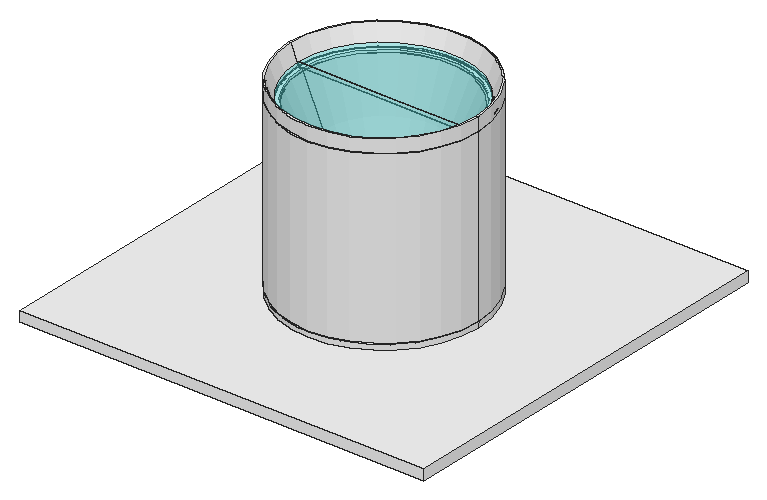
Revit family "BE_24424_de_DE", category Leuchten, Revit 2020
Family settings
  Basisbauteil = Fläche
  Bemaßung runder Anschluss = Durchmesser verwenden
  Teiletyp = Normal
  Beim Laden mit Abzugskörper schneiden = Ja
  Lichtquelle = Ja
  Gemeinsam genutzt = Nein
  Raumberechnungspunkt = Ja
Parameters (values of type "BEGA_24424_Weiß_K4")
  built-in parameter 1150104 = 12.449 (stored number, unit not read)
  Wattage = 35.7 W
  Default Elevation = 0 mm
  built-in parameter 1150113 = 1 (stored number, unit not read)
  built-in parameter 1114218 = 1 (stored number, unit not read)
  Umgebungstemperatur = "25 °C"
  URL = "https://www.bega.com/de/produkt/24424"
  Typenkommentare = "© 2022 BEGA. Wir behalten uns das Recht vor, technische Änderungen ohne vorherige Ankündigung vorzunehmen."  # constant formula
  Type Image = 24424.png
  built-in parameter 1150134 = 12
  built-in parameter 1150109 = 1 (stored number, unit not read)
  Strom = ""
  built-in parameter 1150110 = 1 (stored number, unit not read)
  Spannung = 239.996 V
  Sonderanfertigung = no
  Seriennummer [instance] = "Hier können Sie die eindeutige Seriennummer für das Facility Management eintragen."
  Schutzklasse = "I"
  Schutzart = "IP 65"
  Scheinlast = 0 VA
  Produktdatenblatt = "https://cdn.bega.com/bega/products/24424WK4/current/documents/data-sheets/de"
  Oberflächentemperatur = ""
  Neigungswinkel = 0.00°
  Modell = "24424WK4"
  Material_17 = BEGA_Reflektor
  Material_15 = BEGA_Leuchtmedium_matt
  Material_11 = BEGA_Glas_opal
  Material_09 = BEGA_Glas_klar
  Material_06 = BEGA_Oberfläche_Edelstahl_gebürstet
  Material_03 = BEGA_Oberfläche_Weiss_matt
  Material_02 = BEGA_Oberfläche_Silber_matt
  Material_01 [instance] = BEGA_Oberfläche_Grafit_matt
  M_W = yes
  M_G = no
  M_A = no
  Logo = 0
  built-in parameter 1114217 = 1 (stored number, unit not read)
  built-in parameter 1150139 = (empty or 0)
  built-in parameter 1150105 = 380.68 (stored number, unit not read)
  built-in parameter 1150114 = 1 (stored number, unit not read)
  Lumens = 4783.8 lm
  built-in parameter 1150115 = 1 (stored number, unit not read)
  Leuchtenlichtstrom = "4755 lm"
  Leuchtenanzahl = ""
  Lebensdauerkriterien = "L70B50 @ 25 °C = 180000 h"
  Lastklassifizierung = Beleuchtung
  built-in parameter 1150112 = 1 (stored number, unit not read)
  Lampenlichtstrom = "6165 lm"
  Lampe = "LED 35.7 W"
  LED_Modulbezeichnung = "LED-0785/840"
  Hersteller = "BEGA"  # constant formula
  Halbstreuwinkel = ""
  Gewicht = "2.9 kg"
  Gebrauchslageneinschränkung [instance] = ""
  Frequenz = "0/50-60 Hz"
  Farbwiedergabeindex = "CRI > 80"
  Farbtemperaturverschiebung bei Dämpfen der Lampe = <Keine Auswahl>
  Farbtemperatur = "4000 K"
  Color Filter = 16777215
  built-in parameter 1150133 = 10 (stored number, unit not read)
  Energieeffizienzklasse = "LED A++ - A"
  built-in parameter 1150137 = (empty or 0)
  built-in parameter 1150132 = (empty or 0)
  ENEC = "ja"
  Dimmbar [instance] = "DALI"
  Datei für fotometrisches Netz = "BE_24424K4.IES"
  CE_Konformität = "ja"
  Bestellnummer = "24424WK4"
  Beschreibung_Sonderanfertigung = "Hier können Sie Informationen zur Sonderanfertigung eintragen."
  Beschreibung = "Deckenaufbau-Tiefstrahler"
  built-in parameter 1150106 = 3.8068 (stored number, unit not read)
  Befestigungsbohrung = "Ø 4,3 mm"
  Befestigungsabstand = "160 mm"
  Ballwurfsicher = ""
  BEGA_Intern_aus = yes
  BEGA_Intern_an = yes
  BEGA_Intern_Konstruktion = yes
  BEGA_Intern = yes
  BEGA_IES = yes
  BEGA_Dummy = no
  Anschlussleitung = ""
  Anschlussleistung [instance] = "38.2 W"
  Anschlusskasten = ""
  built-in parameter 1150107 = 4000 (stored number, unit not read)
  built-in parameter 1150102 = (empty or 0)
  built-in parameter 1150138 = (empty or 0)
  Aktualisierung = "2022-05-18T04:00:07"
  Abstand_zur_angestrahlten_Fläche [instance] = ""
  AC/DC = "AC/DC"
Types (4, lengths in mm): name | built-in parameter 1150104 | built-in parameter 1150134 | Modell | M_W | M_G | built-in parameter 1150105 | Lumens | Leuchtenlichtstrom | Lampenlichtstrom | LED_Modulbezeichnung | Farbtemperatur | Datei für fotometrisches Netz | Bestellnummer | built-in parameter 1150106 | built-in parameter 1150107
  BEGA_24424_Weiß_K4 | 12.449 (stored number, unit not read) | 12 | "24424WK4" | yes | no | 380.68 (stored number, unit not read) | 4783.8 lm | "4755 lm" | "6165 lm" | "LED-0785/840" | "4000 K" | "BE_24424K4.IES" | "24424WK4" | 3.8068 (stored number, unit not read) | 4000 (stored number, unit not read)
  BEGA_24424_Weiß_K3 | 12.077 (stored number, unit not read) | (empty or 0) | "24424WK3" | yes | no | 369.32 (stored number, unit not read) | 4641 lm | "4635 lm" | "6010 lm" | "LED-0785/830" | "3000 K" | "BE_24424K3.IES" | "24424WK3" | 3.6932 (stored number, unit not read) | 3000 (stored number, unit not read)
  BEGA_24424_Grafit_K3 | 12.077 (stored number, unit not read) | (empty or 0) | "24424K3" | no | yes | 369.32 (stored number, unit not read) | 4641 lm | "4635 lm" | "6010 lm" | "LED-0785/830" | "3000 K" | "BE_24424K3.IES" | "24424K3" | 3.6932 (stored number, unit not read) | 3000 (stored number, unit not read)
  BEGA_24424_Grafit_K4 | 12.449 (stored number, unit not read) | 12 | "24424K4" | no | yes | 380.68 (stored number, unit not read) | 4783.8 lm | "4755 lm" | "6165 lm" | "LED-0785/840" | "4000 K" | "BE_24424K4.IES" | "24424K4" | 3.8068 (stored number, unit not read) | 4000 (stored number, unit not read)
Reference planes
  plane 1 "Mitte (Vorne/Hinten)": y = 0
  plane 2: z = 0
  plane 3 "Mitte (Links/Rechts)": x = 0
  plane 4 "Links": x = -93.5
  plane 5 "Rechts": x = 93.5
  plane 6 "Unten": y = -93.5
  plane 7 "Oben": y = 93.5
  plane 8 "Vorne": z = 187.4
  plane 9 "Hinten": z = 0
Forms (mm)
  Extrusion 1, solid, material "BEGA_Platte_Weiss"
    sketch origin (0, -1119.2, 0) x (1, 0, 0) y (0, 1, 0)
      loop
        line (-200, 1319.2) -> (-200, 919.2) -> (200, 919.2) -> (200, 1319.2) -> (-200, 1319.2)
    from 0 to -10
  Extrusion 2, solid, material "BEGA_Dummy_matt", visible <- "BEGA_Dummy"
    sketch origin (77.149, -76.023, 0) x (1, 0, 0) y (0, 1, 0)
      loop
        circle (-77.149, 76.023) r 93.507
    from 0 to 187.4
Dimensions and locks
  plane 1 "Mitte (Vorne/Hinten)" to Extrusion 1 = 200 mm
  aligned and locked: plane 2 to Extrusion 1
  aligned and locked: level to Extrusion 1
Nested families
  nested 1: "BE_24424" at (0, 0, 0), type "BE_24424"
Connectors
  electrical at (0, 0, 0), driven by "Lastklassifizierung", driven by "Spannung", driven by "Scheinlast"
    settings: index 1, voltage 239.996 V, apparent load 0 VA, apparent load phase1 0 VA, apparent load phase2 0 VA, apparent load phase3 0 VA, power factor 1, load classification "Beleuchtung", number of poles 1, system type 31, power factor state 1, is connector primary yes, connector utility no, sub classification motor no, connector description ""
Definition of nested family "BE_24424"
  Parameters (values of type "BE_24424")
    Default Elevation = 1 mm
    URL = "http://www.bega.de/de/produkt"
    Type Comments = "© 2015 BEGA. Wir behalten uns das Recht vor, technische Änderungen ohne vorherige Ankündigung vorzunehmen. "  # constant formula
    Type Image = (empty or 0)
    Neigungswinkel_um_Z2 = 0.00°
    Neigungswinkel_um_Z1 = 0.00°
    Neigungswinkel_um_Y2 = 0.00°
    Neigungswinkel_um_Y1 = 0.00°
    Neigungswinkel_um_X2 = 0.00°
    Neigungswinkel_um_X1 = 0.00°
    Material_17 = none
    Material_15 = none
    Material_11 = none
    Material_09 = none
    Material_06 = none
    Material_03 = none
    Material_02 = none
    Material_01 = none
    M_W = yes
    M_G = yes
    M_A = yes
    Länge_Platte = 200 mm  # constant formula
    Höhe_Platte = -10 mm  # constant formula
    Manufacturer = "BEGA"  # constant formula
    Drehwinkel_um_Z2 = 0.00°
    Drehwinkel_um_Z1 = 0.00°
    Breite_Platte = 200 mm  # constant formula
  Reference planes
    plane 1 "Mitte (Oben/Unten)": y = 0
    plane 2: z = 0
    plane 3 "Mitte (Links/Rechts)": x = 0
    plane 4 "Hinten": z = -40
    plane 5: z = 187.4
    plane 6: x = -93.5
    plane 7: x = 93.5
    plane 8: y = 93.5
    plane 9: y = -93.5
  Forms (mm)
    Extrusion 1, solid, detail levels medium
      sketch origin (0, 0, 0) x (1, 0, 0) y (0, 1, 0)
        loop
          line (-100, 100) -> (-100, -100) -> (100, -100) -> (100, 100) -> (-100, 100)
      from 0 to -10 <- "Höhe_Platte"
    Revolve 2, solid, material <- "Material_09"
      sketch origin (0, 0, 0) x (1, 0, 0) y (0, 0, 1)
        loop
          line (-84.5, 173) -> (-84.5, 168.9) -> (0, 168.9) -> (0, 173) -> (-84.5, 173)
        axis (0, 168.9) -> (0, 173)
      angle from 0 to 360
    Revolve 3, solid, material <- "Material_17"
      sketch origin (0, 0, 0) x (1, 0, 0) y (0, 0, 1)
        loop
          line (-85, 164.6) -> (-81.237, 164.6)
          arc (-81.237, 164.6) -> (-61.141, 119.72) -> (-36.386, 77.232) r 461.8
          arc (-36.386, 77.232) -> (-35.852, 76.767) -> (-35.163, 76.6) r 1.5
          line (-35.163, 76.6) -> (-32, 76.6) -> (-32, 77.9)
          arc (-32, 77.9) -> (-32.146, 78.254) -> (-32.5, 78.4) r 0.5
          line (-32.5, 78.4) -> (-34.992, 78.4)
          arc (-34.992, 78.4) -> (-59.857, 121.192) -> (-79.999, 166.4) r 461.8
          line (-79.999, 166.4) -> (-84.937, 166.4) -> (-85, 164.6)
        axis (0, 166.4) -> (0, 76.6)
      angle from 0 to 360
    Revolve 4, solid, material <- "Material_01", visible <- "M_G"
      sketch origin (0, 0, 0) x (1, 0, 0) y (0, 0, 1)
        loop
          line (-93.5, 174.417) -> (-91.384, 174.194) -> (-89.5, 170.668) -> (-90.5, 170.091) -> (-90.5, 161.55) -> (-88.578, 160.9) -> (-87.309, 160.9) -> (-84.937, 166.4) -> (-81.087, 166.4) -> (-81.017, 168.4) -> (-84.965, 168.4) -> (-85, 169.4) -> (-92, 187.4) -> (-93.5, 187.4) -> (-93.5, 174.417)
        axis (0, 187.4) -> (0, 160.9)
      angle from 0 to 360
    Revolve 5, solid, material <- "Material_01", visible <- "M_G"
      sketch origin (0, 0, 0) x (1, 0, 0) y (0, 0, 1)
        loop
          line (-93.5, 173.4) -> (-93.5, 6) -> (-92.592, 6) -> (-91.5, 9) -> (-91.5, 25) -> (-83.5, 25) -> (-81.974, 68.7) -> (0, 68.7) -> (0, 73.7) -> (-80.682, 73.7) -> (-83.5, 154.398) -> (-91.5, 154.398) -> (-91.5, 170.4) -> (-92.592, 173.4) -> (-93.5, 173.4)
        axis (0, 173.4) -> (0, 6)
      angle from 0 to 360
    Revolve 6, solid, material <- "Material_01", visible <- "M_G"
      sketch origin (0, 0, 0) x (1, 0, 0) y (0, 0, 1)
        loop
          line (-83.843, 23) -> (-90.5, 23) -> (-90.5, 5.299) -> (-93.5, 4.983) -> (-93.5, 0) -> (-87.198, 0) -> (-86.5, 20) -> (-80, 20) -> (0, 20) -> (0, 23) -> (-83.843, 23)
        axis (0, 23) -> (0, 0)
      angle from 0 to 360
    Revolve 7, solid, material <- "Material_15"
      sketch origin (0, 0, 0) x (1, 0, 0) y (0, 0, 1)
        loop
          line (-25, 73.7) -> (0, 73.7) -> (0, 75.25) -> (-25, 75.25) -> (-25, 73.7)
        axis (0, 73.7) -> (0, 75.25)
      angle from 0 to 360
    Extrusion 8, solid, material <- "Material_01", visible <- "M_G"
      sketch origin (0, 0, 0) x (1, 0, 0) y (0, 1, 0)
        loop
          circle (0, -80) r 6.414
        loop
          circle (0, 80) r 6.414
        loop
          circle (0, 80) r 2.233
        loop
          circle (0, -80) r 2.233
      from 0 to 23
    Revolve 9, solid, material <- "Material_03", visible <- "M_W"
      sketch origin (0, 0, 0) x (1, 0, 0) y (0, 0, 1)
        loop
          line (-93.5, 174.417) -> (-91.384, 174.194) -> (-89.5, 170.668) -> (-90.5, 170.091) -> (-90.5, 161.55) -> (-88.578, 160.9) -> (-87.309, 160.9) -> (-84.937, 166.4) -> (-81.087, 166.4) -> (-81.017, 168.4) -> (-84.965, 168.4) -> (-85, 169.4) -> (-92, 187.4) -> (-93.5, 187.4) -> (-93.5, 174.417)
        axis (0, 187.4) -> (0, 160.9)
      angle from 0 to 360
    Revolve 10, solid, material <- "Material_03", visible <- "M_W"
      sketch origin (0, 0, 0) x (1, 0, 0) y (0, 0, 1)
        loop
          line (-93.5, 173.4) -> (-93.5, 6) -> (-92.592, 6) -> (-91.5, 9) -> (-91.5, 25) -> (-83.5, 25) -> (-81.974, 68.7) -> (0, 68.7) -> (0, 73.7) -> (-80.682, 73.7) -> (-83.5, 154.398) -> (-91.5, 154.398) -> (-91.5, 170.4) -> (-92.592, 173.4) -> (-93.5, 173.4)
        axis (0, 173.4) -> (0, 6)
      angle from 0 to 360
    Revolve 11, solid, material <- "Material_03", visible <- "M_W"
      sketch origin (0, 0, 0) x (1, 0, 0) y (0, 0, 1)
        loop
          line (-83.843, 23) -> (-90.5, 23) -> (-90.5, 5.299) -> (-93.5, 4.983) -> (-93.5, 0) -> (-87.198, 0) -> (-86.5, 20) -> (-80, 20) -> (0, 20) -> (0, 23) -> (-83.843, 23)
        axis (0, 23) -> (0, 0)
      angle from 0 to 360
    Extrusion 12, solid, material <- "Material_03", visible <- "M_W"
      sketch origin (0, 0, 0) x (1, 0, 0) y (0, 1, 0)
        loop
          circle (0, -80) r 6.414
        loop
          circle (0, 80) r 6.414
        loop
          circle (0, 80) r 2.233
        loop
          circle (0, -80) r 2.233
      from 0 to 23
    Extrusion 13, void
      sketch origin (0, 0, 0) x (1, 0, 0) y (0, 1, 0)
        loop
          circle (-65, -20) r 7.197
        loop
          circle (-65, 20) r 7.197
      from 0 to 28.487
  Cuts and joins
    Extrusion 13 cuts Revolve 6
    Extrusion 13 cuts Extrusion 8
    joined: Revolve 6, Extrusion 8
    Extrusion 13 cuts Revolve 11
    Extrusion 13 cuts Extrusion 12
    joined: Revolve 11, Extrusion 12
    Extrusion 13 cuts Revolve 2
    Extrusion 13 cuts Revolve 3
    Extrusion 13 cuts Revolve 5
    Extrusion 13 cuts Revolve 10
  Dimensions and locks
    equal spacing: Extrusion 1 sketch curve, plane 3 "Mitte (Links/Rechts)", Extrusion 1 sketch curve
    equal spacing: Extrusion 1 sketch curve, plane 1 "Mitte (Oben/Unten)", Extrusion 1 sketch curve
    "Länge_Platte": Extrusion 1 sketch curve to Extrusion 1 sketch curve
    "Breite_Platte": Extrusion 1 sketch curve to Extrusion 1 sketch curve
    aligned and locked: plane 2 to Extrusion 1
    aligned and locked: level to Extrusion 1
  Automatic sketch dimensions
    Revolve 2 sketch curve to plane 3 "Mitte (Links/Rechts)" = 0 mm  (x2)
    Revolve 2 sketch curve to Revolve 2 sketch curve = 84.5 mm
    Revolve 2 sketch curve to Revolve 2 sketch curve = 4.1 mm
    Revolve 2 sketch curve to Revolve 2 sketch curve = 7.629 mm
    Revolve 2 sketch curve to Revolve 2 sketch curve = 3.343 mm
    Revolve 3 sketch curve to plane 3 "Mitte (Links/Rechts)" = 0 mm
    Revolve 3 sketch curve to plane 3 "Mitte (Links/Rechts)" = 32 mm
    Revolve 3 sketch curve to Revolve 3 sketch curve = 0.5 mm
    Revolve 3 sketch curve to Revolve 3 sketch curve = 2.492 mm
    Revolve 3 sketch curve to Revolve 3 sketch curve = 0.171 mm
    Revolve 3 sketch curve to plane 3 "Mitte (Links/Rechts)" = 79.999 mm
    Revolve 3 sketch curve to Revolve 3 sketch curve = 1.238 mm
    Revolve 3 sketch curve to Revolve 3 sketch curve = 3.7 mm
    Revolve 3 sketch curve to Revolve 3 sketch curve = 0.063 mm
    level to Revolve 3 sketch curve = 78.4 mm
    Revolve 3 sketch curve to Revolve 3 sketch curve = 0.3 mm
    Revolve 3 sketch curve to Revolve 3 sketch curve = 1.3 mm
    plane 3 "Mitte (Links/Rechts)" to Revolve 3 sketch curve = 349.688 mm
    Revolve 3 sketch curve to Revolve 3 sketch curve = 1.603 mm
    Revolve 4 sketch curve to plane 3 "Mitte (Links/Rechts)" = 0 mm
    Revolve 4 sketch curve to plane 3 "Mitte (Links/Rechts)" = 81.017 mm
    Revolve 4 sketch curve to Revolve 4 sketch curve = 0.07 mm
    Revolve 4 sketch curve to Revolve 4 sketch curve = 3.85 mm
    Revolve 4 sketch curve to Revolve 4 sketch curve = 0.028 mm
    Revolve 4 sketch curve to Revolve 4 sketch curve = 0.035 mm
    Revolve 4 sketch curve to Revolve 4 sketch curve = 2.371 mm
    Revolve 4 sketch curve to Revolve 4 sketch curve = 1.27 mm
    Revolve 4 sketch curve to Revolve 4 sketch curve = 4.5 mm
    Revolve 4 sketch curve to Revolve 4 sketch curve = 1 mm  (x2)
    Revolve 4 sketch curve to Revolve 4 sketch curve = 1.884 mm
    Revolve 4 sketch curve to Revolve 4 sketch curve = 0.616 mm
    Revolve 4 sketch curve to Revolve 4 sketch curve = 2.116 mm
    Revolve 4 sketch curve to Revolve 4 sketch curve = 0.65 mm
    Revolve 4 sketch curve to Revolve 4 sketch curve = 0.222 mm
    Revolve 5 sketch curve to plane 3 "Mitte (Links/Rechts)" = 0 mm  (x2)
    Revolve 5 sketch curve to plane 3 "Mitte (Links/Rechts)" = 80.682 mm
    Revolve 5 sketch curve to Revolve 5 sketch curve = 1.292 mm
    Revolve 5 sketch curve to Revolve 5 sketch curve = 2.818 mm
    level to Revolve 5 sketch curve = 25 mm
    Revolve 5 sketch curve to Revolve 5 sketch curve = 1.526 mm
    Revolve 5 sketch curve to Revolve 5 sketch curve = 8 mm  (x2)
    Revolve 5 sketch curve to Revolve 5 sketch curve = 1.092 mm  (x2)
    level to Revolve 5 sketch curve = 6 mm
    Revolve 5 sketch curve to Revolve 5 sketch curve = 0.908 mm
    Revolve 5 sketch curve to Revolve 5 sketch curve = 3 mm  (x2)
    level to Revolve 5 sketch curve = 68.7 mm
    Revolve 5 sketch curve to Revolve 5 sketch curve = 5 mm
    Revolve 5 sketch curve to Revolve 5 sketch curve = 16.002 mm
    Revolve 5 sketch curve to Revolve 5 sketch curve = 40.698 mm
    Revolve 5 sketch curve to Revolve 5 sketch curve = 25 mm
    Revolve 7 sketch curve to plane 3 "Mitte (Links/Rechts)" = 0 mm  (x2)
    Revolve 7 sketch curve to Revolve 7 sketch curve = 25 mm
    Revolve 7 sketch curve to Revolve 7 sketch curve = 0 mm
    level to Revolve 7 sketch curve = 73.7 mm
    Revolve 7 sketch curve to Revolve 7 sketch curve = 1.55 mm
    Revolve 7 sketch curve to Revolve 7 sketch curve = 20 mm
    Revolve 7 sketch curve to Revolve 7 sketch curve = 5.439 mm
    Revolve 6 sketch curve to level = 0 mm
    Revolve 6 sketch curve to plane 3 "Mitte (Links/Rechts)" = 0 mm  (x2)
    level to Revolve 6 sketch curve = 23 mm
    Revolve 6 sketch curve to Revolve 6 sketch curve = 83.843 mm
    Revolve 6 sketch curve to Revolve 6 sketch curve = 2.657 mm
    Revolve 6 sketch curve to Revolve 6 sketch curve = 0.698 mm
    Revolve 6 sketch curve to Revolve 6 sketch curve = 4 mm
    Revolve 6 sketch curve to Revolve 6 sketch curve = 3 mm  (x2)
    Revolve 6 sketch curve to Revolve 6 sketch curve = 4.983 mm
    Revolve 6 sketch curve to Revolve 6 sketch curve = 0.315 mm
    Revolve 6 sketch curve to Revolve 6 sketch curve = 3.843 mm
    Revolve 6 sketch curve to Revolve 6 sketch curve = 17.175 mm
    Revolve 6 sketch curve to Revolve 6 sketch curve = 5 mm
    Revolve 9 sketch curve to plane 3 "Mitte (Links/Rechts)" = 0 mm
    Revolve 9 sketch curve to plane 3 "Mitte (Links/Rechts)" = 81.017 mm
    Revolve 9 sketch curve to Revolve 9 sketch curve = 0.07 mm
    Revolve 9 sketch curve to Revolve 9 sketch curve = 3.85 mm
    Revolve 9 sketch curve to Revolve 9 sketch curve = 0.028 mm
    Revolve 9 sketch curve to Revolve 9 sketch curve = 0.035 mm
    Revolve 9 sketch curve to Revolve 9 sketch curve = 2.371 mm
    Revolve 9 sketch curve to Revolve 9 sketch curve = 1.27 mm
    Revolve 9 sketch curve to Revolve 9 sketch curve = 4.5 mm
    Revolve 9 sketch curve to Revolve 9 sketch curve = 1 mm  (x2)
    Revolve 9 sketch curve to Revolve 9 sketch curve = 1.884 mm
    Revolve 9 sketch curve to Revolve 9 sketch curve = 0.616 mm
    Revolve 9 sketch curve to Revolve 9 sketch curve = 2.116 mm
    Revolve 9 sketch curve to Revolve 9 sketch curve = 0.65 mm
    Revolve 9 sketch curve to Revolve 9 sketch curve = 0.222 mm
    Revolve 10 sketch curve to plane 3 "Mitte (Links/Rechts)" = 0 mm  (x2)
    Revolve 10 sketch curve to plane 3 "Mitte (Links/Rechts)" = 80.682 mm
    Revolve 10 sketch curve to Revolve 10 sketch curve = 1.292 mm
    Revolve 10 sketch curve to Revolve 10 sketch curve = 2.818 mm
    level to Revolve 10 sketch curve = 25 mm
    Revolve 10 sketch curve to Revolve 10 sketch curve = 1.526 mm
    Revolve 10 sketch curve to Revolve 10 sketch curve = 8 mm  (x2)
    Revolve 10 sketch curve to Revolve 10 sketch curve = 1.092 mm  (x2)
    level to Revolve 10 sketch curve = 6 mm
    Revolve 10 sketch curve to Revolve 10 sketch curve = 0.908 mm
    Revolve 10 sketch curve to Revolve 10 sketch curve = 3 mm  (x2)
    level to Revolve 10 sketch curve = 68.7 mm
    Revolve 10 sketch curve to Revolve 10 sketch curve = 5 mm
    Revolve 10 sketch curve to Revolve 10 sketch curve = 16.002 mm
    Revolve 10 sketch curve to Revolve 10 sketch curve = 40.698 mm
    Revolve 10 sketch curve to Revolve 10 sketch curve = 25 mm
    Revolve 11 sketch curve to level = 0 mm
    Revolve 11 sketch curve to plane 3 "Mitte (Links/Rechts)" = 0 mm  (x2)
    level to Revolve 11 sketch curve = 20 mm
    Revolve 11 sketch curve to Revolve 11 sketch curve = 80 mm
    Revolve 11 sketch curve to Revolve 11 sketch curve = 3.843 mm
    Revolve 11 sketch curve to Revolve 11 sketch curve = 2.657 mm
    Revolve 11 sketch curve to Revolve 11 sketch curve = 0.698 mm
    Revolve 11 sketch curve to Revolve 11 sketch curve = 4 mm
    Revolve 11 sketch curve to Revolve 11 sketch curve = 3 mm  (x2)
    Revolve 11 sketch curve to Revolve 11 sketch curve = 4.983 mm
    Revolve 11 sketch curve to Revolve 11 sketch curve = 0.315 mm
    Revolve 11 sketch curve to Revolve 11 sketch curve = 17.175 mm
    Revolve 11 sketch curve to Revolve 11 sketch curve = 5 mm
    Extrusion 12 sketch curve to Extrusion 12 sketch curve = 0 mm  (x4)
    Extrusion 12 sketch curve to plane 3 "Mitte (Links/Rechts)" = 0 mm  (x2)
    plane 1 "Mitte (Oben/Unten)" to Extrusion 12 sketch curve = 80 mm
    Extrusion 12 sketch curve to plane 1 "Mitte (Oben/Unten)" = 80 mm
    level to Revolve 2 sketch curve = 168.9 mm
    Revolve 3 sketch curve to Revolve 3 sketch curve = 86.2 mm
    Revolve 3 sketch curve to Revolve 3 sketch curve = 1.8 mm
    Revolve 3 sketch curve to Revolve 3 sketch curve = 0.85 mm
    Revolve 3 sketch curve to Revolve 3 sketch curve = 66.193 mm
    Revolve 3 sketch curve to Revolve 3 sketch curve = 36.807 mm
    level to Revolve 4 sketch curve = 160.9 mm
    Revolve 4 sketch curve to Revolve 4 sketch curve = 5.5 mm
    Revolve 4 sketch curve to Revolve 4 sketch curve = 2 mm
    Revolve 4 sketch curve to Revolve 4 sketch curve = 0.691 mm
    Revolve 4 sketch curve to Revolve 4 sketch curve = 0.577 mm
    Revolve 4 sketch curve to Revolve 4 sketch curve = 3.526 mm
    Revolve 4 sketch curve to Revolve 4 sketch curve = 12.983 mm
    Revolve 4 sketch curve to Revolve 4 sketch curve = 4.6 mm
    Revolve 4 sketch curve to Revolve 4 sketch curve = 14.4 mm
    Revolve 5 sketch curve to Revolve 5 sketch curve = 80.698 mm
    level to Revolve 9 sketch curve = 160.9 mm
    Revolve 9 sketch curve to Revolve 9 sketch curve = 5.5 mm
    Revolve 9 sketch curve to Revolve 9 sketch curve = 2 mm
    Revolve 9 sketch curve to Revolve 9 sketch curve = 0.691 mm
    Revolve 9 sketch curve to Revolve 9 sketch curve = 0.577 mm
    Revolve 9 sketch curve to Revolve 9 sketch curve = 3.526 mm
    Revolve 9 sketch curve to Revolve 9 sketch curve = 12.983 mm
    Revolve 9 sketch curve to Revolve 9 sketch curve = 4.6 mm
    Revolve 9 sketch curve to Revolve 9 sketch curve = 14.4 mm
    Revolve 10 sketch curve to Revolve 10 sketch curve = 80.698 mm
    radius of Extrusion 12 sketch curve = 6.414 mm  (x2)
    radius of Extrusion 12 sketch curve = 2.233 mm  (x2)
